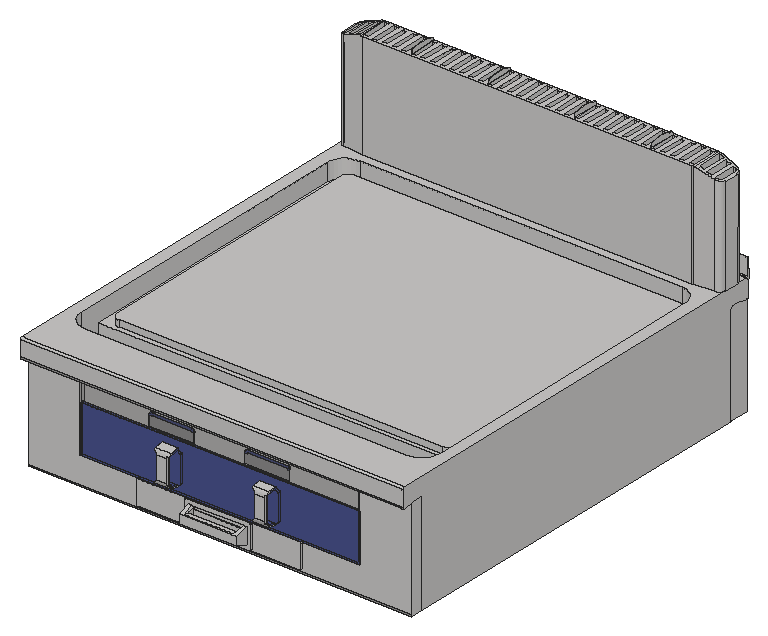
Revit family "QF_ELECTROLUXPROFESSIONAL_593319_MCHMABDOVO", category Specialty Equipment, Revit 2018 (continued)
Definition of nested family "GG_900_Backsplash for 800 fryer"
  Automatic sketch dimensions
    Extrusion 33 sketch curve to Extrusion 33 sketch curve = 11.746 mm  (x2)
    Extrusion 33 sketch curve to Extrusion 33 sketch curve = 43.944 mm  (x2)
    plane 1 "Center (Front/Back)" to Extrusion 33 sketch curve = 6.289 mm  (x2)
    Extrusion 33 sketch curve to plane 5 = 56.541 mm  (x2)
    Extrusion 33 sketch curve to plane 5 = 13.621 mm
    Extrusion 33 sketch curve to plane 6 = 2.907 mm  (x2)
    Extrusion 33 sketch curve to Extrusion 33 sketch curve = 0 mm
    Extrusion 33 sketch curve to Extrusion 33 sketch curve = 1.024 mm  (x2)
    plane 1 "Center (Front/Back)" to Extrusion 33 sketch curve = 10.134 mm
    Extrusion 33 sketch curve to plane 5 = 1.875 mm  (x2)
    plane 5 to Extrusion 33 sketch curve = 8.125 mm  (x2)
    plane 6 to Extrusion 33 sketch curve = 2.907 mm  (x2)
    plane 6 to Extrusion 33 sketch curve = 15.407 mm
    Extrusion 33 sketch curve to Extrusion 33 sketch curve = 12.5 mm
    plane 6 to Extrusion 33 sketch curve = 31.704 mm  (x2)
    Extrusion 33 sketch curve to Extrusion 33 sketch curve = 7.384 mm
    Extrusion 33 sketch curve to Extrusion 33 sketch curve = 11.228 mm
    Extrusion 33 sketch curve to plane 6 = 15.407 mm
    plane 6 to Extrusion 39 sketch curve = 26.484 mm
    Extrusion 39 sketch curve to Extrusion 39 sketch curve = 3.168 mm
    Extrusion 39 sketch curve to Extrusion 39 sketch curve = 0.003 mm
    Extrusion 39 sketch curve to Extrusion 39 sketch curve = 0.832 mm
    Extrusion 39 sketch curve to Extrusion 39 sketch curve = 11.257 mm
    Extrusion 39 sketch curve to Extrusion 39 sketch curve = 0 mm  (x2)
    Extrusion 39 sketch curve to plane 6 = 0.419 mm
    Extrusion 39 sketch curve to plane 6 = 12.894 mm
    Extrusion 39 sketch curve to Extrusion 39 sketch curve = 10.482 mm
    Extrusion 39 sketch curve to Extrusion 39 sketch curve = 0.775 mm
    Extrusion 39 sketch curve to Extrusion 39 sketch curve = 0.056 mm
    Extrusion 39 sketch curve to Extrusion 39 sketch curve = 4 mm
    level to Extrusion 39 sketch curve = 1058.216 mm
    Extrusion 39 sketch curve to Extrusion 39 sketch curve = 49.354 mm
    Extrusion 39 sketch curve to Extrusion 39 sketch curve = 3.029 mm  (x2)
    Extrusion 39 sketch curve to Extrusion 39 sketch curve = 0.001 mm  (x4)
    Extrusion 39 sketch curve to Extrusion 39 sketch curve = 2.392 mm
    Extrusion 40 sketch curve to Extrusion 40 sketch curve = 0 mm  (x3)
    plane 4 to Extrusion 40 sketch curve = 152.48 mm
    Extrusion 40 sketch curve to Extrusion 40 sketch curve = 1 mm  (x2)
    Extrusion 40 sketch curve to Extrusion 40 sketch curve = 0.732 mm
    level to Extrusion 40 sketch curve = 1106.571 mm
    plane 6 to Extrusion 41 sketch curve = 26.484 mm
    Extrusion 41 sketch curve to Extrusion 41 sketch curve = 3.168 mm
    Extrusion 41 sketch curve to Extrusion 41 sketch curve = 0.003 mm
    Extrusion 41 sketch curve to Extrusion 41 sketch curve = 0.832 mm
    Extrusion 41 sketch curve to Extrusion 41 sketch curve = 11.257 mm
    Extrusion 41 sketch curve to Extrusion 41 sketch curve = 0 mm  (x2)
    Extrusion 41 sketch curve to plane 6 = 0.419 mm
    Extrusion 41 sketch curve to plane 6 = 12.894 mm
    Extrusion 41 sketch curve to Extrusion 41 sketch curve = 10.482 mm
    Extrusion 41 sketch curve to Extrusion 41 sketch curve = 0.775 mm
    Extrusion 41 sketch curve to Extrusion 41 sketch curve = 0.056 mm
    Extrusion 41 sketch curve to Extrusion 41 sketch curve = 4 mm
    level to Extrusion 41 sketch curve = 1058.216 mm
    Extrusion 41 sketch curve to Extrusion 41 sketch curve = 49.354 mm
    Extrusion 41 sketch curve to Extrusion 41 sketch curve = 3.029 mm  (x2)
    Extrusion 41 sketch curve to Extrusion 41 sketch curve = 0.001 mm  (x4)
    Extrusion 41 sketch curve to Extrusion 41 sketch curve = 2.392 mm
    Extrusion 42 sketch curve to Extrusion 42 sketch curve = 0 mm  (x3)
    Extrusion 42 sketch curve to plane 3 "Center (Left/Right)" = 87.373 mm
    Extrusion 42 sketch curve to Extrusion 42 sketch curve = 1 mm  (x2)
    Extrusion 42 sketch curve to Extrusion 42 sketch curve = 0.732 mm
    level to Extrusion 42 sketch curve = 1106.571 mm
    plane 6 to Extrusion 43 sketch curve = 26.484 mm
    Extrusion 43 sketch curve to Extrusion 43 sketch curve = 3.168 mm
    Extrusion 43 sketch curve to Extrusion 43 sketch curve = 0.003 mm
    Extrusion 43 sketch curve to Extrusion 43 sketch curve = 0.832 mm
    Extrusion 43 sketch curve to Extrusion 43 sketch curve = 11.257 mm
    Extrusion 43 sketch curve to Extrusion 43 sketch curve = 0 mm  (x2)
    Extrusion 43 sketch curve to plane 6 = 0.419 mm
    Extrusion 43 sketch curve to plane 6 = 12.894 mm
    Extrusion 43 sketch curve to Extrusion 43 sketch curve = 10.482 mm
    Extrusion 43 sketch curve to Extrusion 43 sketch curve = 0.775 mm
    Extrusion 43 sketch curve to Extrusion 43 sketch curve = 0.056 mm
    Extrusion 43 sketch curve to Extrusion 43 sketch curve = 4 mm
    level to Extrusion 43 sketch curve = 1058.216 mm
    Extrusion 43 sketch curve to Extrusion 43 sketch curve = 49.354 mm
    Extrusion 43 sketch curve to Extrusion 43 sketch curve = 3.029 mm  (x2)
    Extrusion 43 sketch curve to Extrusion 43 sketch curve = 0.001 mm  (x4)
    Extrusion 43 sketch curve to Extrusion 43 sketch curve = 2.392 mm
    Extrusion 44 sketch curve to Extrusion 44 sketch curve = 0 mm  (x3)
    Extrusion 44 sketch curve to plane 5 = 145 mm
    Extrusion 44 sketch curve to Extrusion 44 sketch curve = 1 mm  (x2)
    Extrusion 44 sketch curve to Extrusion 44 sketch curve = 0.732 mm
    level to Extrusion 44 sketch curve = 1107.571 mm
    plane 6 to Extrusion 45 sketch curve = 26.484 mm
    Extrusion 45 sketch curve to Extrusion 45 sketch curve = 3.168 mm
    Extrusion 45 sketch curve to Extrusion 45 sketch curve = 0.003 mm
    Extrusion 45 sketch curve to Extrusion 45 sketch curve = 0.832 mm
    Extrusion 45 sketch curve to Extrusion 45 sketch curve = 11.257 mm
    Extrusion 45 sketch curve to Extrusion 45 sketch curve = 0 mm  (x2)
    Extrusion 45 sketch curve to plane 6 = 0.419 mm
    Extrusion 45 sketch curve to plane 6 = 12.894 mm
    Extrusion 45 sketch curve to Extrusion 45 sketch curve = 10.482 mm
    Extrusion 45 sketch curve to Extrusion 45 sketch curve = 0.775 mm
    Extrusion 45 sketch curve to Extrusion 45 sketch curve = 0.056 mm
    Extrusion 45 sketch curve to Extrusion 45 sketch curve = 4 mm
    level to Extrusion 45 sketch curve = 1058.216 mm
    Extrusion 45 sketch curve to Extrusion 45 sketch curve = 49.354 mm
    Extrusion 45 sketch curve to Extrusion 45 sketch curve = 3.029 mm  (x2)
    Extrusion 45 sketch curve to Extrusion 45 sketch curve = 0.001 mm  (x4)
    Extrusion 45 sketch curve to Extrusion 45 sketch curve = 2.392 mm
    Extrusion 46 sketch curve to Extrusion 46 sketch curve = 0 mm  (x3)
    plane 3 "Center (Left/Right)" to Extrusion 46 sketch curve = 94.792 mm
    Extrusion 46 sketch curve to Extrusion 46 sketch curve = 1 mm  (x2)
    Extrusion 46 sketch curve to Extrusion 46 sketch curve = 0.732 mm
    level to Extrusion 46 sketch curve = 1107.571 mm
    curve 15 to plane 5 = 0 mm
    plane 6 to curve 6 = 32.954 mm
    curve 17 to plane 4 = 0 mm
    plane 4 to curve 16 = 0.886 mm
    plane 4 to curve 2 = 11.608 mm
    plane 4 to curve 7 = 11.608 mm
    curve 5 to curve 6 = 58.231 mm
    plane 1 "Center (Front/Back)" to curve 1 = 5.039 mm
    curve 3 to curve 1 = 58.231 mm
    curve 8 to plane 5 = 70.951 mm
    curve 1 to curve 6 = 0 mm
    curve 12 to plane 5 = 12.72 mm
    curve 8 to plane 5 = 12.72 mm
    curve 15 to plane 5 = 1.998 mm
    curve 14 to curve 9 = 1.998 mm
    plane 4 to curve 17 = 0.886 mm
    curve 3 to curve 3 = 11.746 mm
    curve 5 to curve 5 = 11.746 mm
    curve 11 to curve 11 = 11.746 mm
    curve 10 to curve 10 = 11.746 mm
    plane 6 to curve 7 = 27.86 mm
    plane 6 to curve 8 = 27.86 mm
    plane 6 to curve 15 = 15.407 mm
    curve 14 to plane 6 = 15.407 mm
    curve 4 to plane 6 = 15.407 mm
    plane 1 "Center (Front/Back)" to curve 2 = 10.134 mm
    plane 1 "Center (Front/Back)" to curve 12 = 10.134 mm
    plane 6 to curve 17 = 15.407 mm
